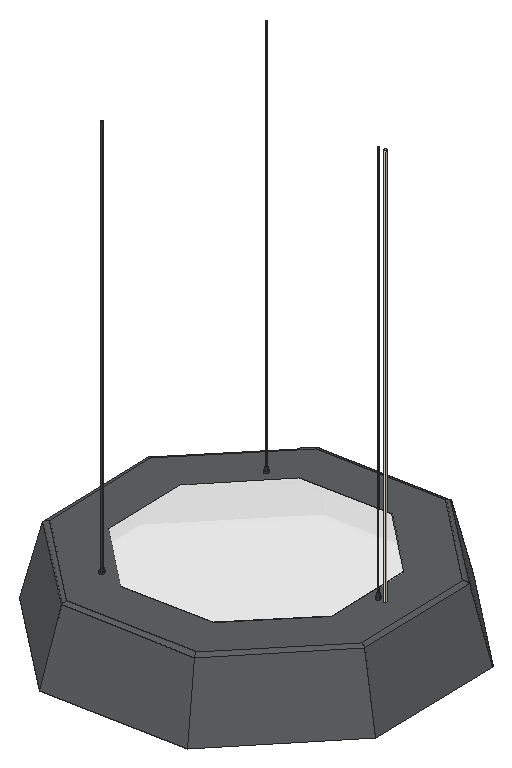
Revit family "Lighting_Pendants_Zero_Umbrella_Pendant", category Lighting Fixtures, Revit 2020
Family settings
  Round Connector Dimension = Use Diameter
  Part Type = Normal
  OmniClass Number = 23.80.70.00
  OmniClass Title = Lighting
  Work Plane-Based = Yes
  Always vertical = Yes
  Cut with Voids When Loaded = No
  Light Source = Yes
  Shared = No
  Room Calculation Point = No
Parameters (values of type "Umbrella Pendant 4x36W/2G11 Down & uplight Black")
  Youtube clip = ""
  Weight Net (Kg) = "4.2"
  Wattage = 78.0924 W
  WarrantyStartDate [instance] = "n/a"
  WarrantyGuarantorParts = "n/a"
  WarrantyGuarantorLabor = "n/a"
  WarrantyDurationUnit = "Year"
  WarrantyDurationParts = "n/a"
  WarrantyDurationLabor = "n/a"
  WarrantyDescription = "n/a"
  built-in parameter 1150110 = 1 (stored number, unit not read)
  VersionDate = "31/08/2023"  # constant formula
  Version = "3"  # constant formula
  UsageCurrent = 0 A
  Uniformat II Description = ""
  Uniformat II Code = ""
  Uniclass2015Reference = "Pr_70_70_48_86"
  Uniclass2015Description = "Suspended luminaires"
  Uniclass2 = "Pr_70_70_49_86"
  Uniclass 2015 Name = ""
  Uniclass 2015 Code = ""
  Uniclass 2.0 Description = ""
  Uniclass 2.0 Code = ""
  Uniclass 1.4 Description = ""
  Uniclass 1.4 Code = ""
  URL = "https://www.zerolighting.com/umbrella-inompe/"
  UNSPSC Code = ""
  TotalWattage = 145 W
  built-in parameter 1114217 = 1 (stored number, unit not read)
  Tilt Angle = 90.00°
  built-in parameter 1150109 = 1 (stored number, unit not read)
  built-in parameter 1150134 = (empty or 0)
  Technical description = ""
  TagNumber [instance] = "n/a"
  SustainabilityPerformance = "n/a"
  built-in parameter 1150113 = 1 (stored number, unit not read)
  Size = "800x800x165 mm"
  Shape = "Sculptured"
  ShadeType = umbrella-pendel-uplight : umbrella-pendel-uplight
  SerialNumber [instance] = "n/a"
  Revision = "5"  # constant formula
  ReplacementCost = "n/a"
  Region South America = "None"
  Region Oceania = "AU, NZ"
  Region North America = "BZ, CR, GT, HN, MX, NI, PA, SV, US"
  Region Middle East = "AE"
  Region Europe = "AD, AL, AT, AX, BA, BE, BG, BY, CH, CY, CZ, DE, DK, EE, ES, FI, FO, FR, GB, GG, GI, GR, HR, HU, IE, IM, IS, IT, JE, LI, LT, LU, LV, MC, MD, ME, MK, MT, NL, NO, PL, PT, RO, RS, RU, SE, SI, SJ, SK, SM, UA, VA"
  Region Asia = "HK, JP, SG"
  Region Antarctica = "None"
  Region Africa = "None"
  ProductInformation = "n/a"
  Product group = "Pendant"
  Product family = "Umbrella"
  Product certification = ""
  Product SKU = "Umbrella_pendant_fixture"
  Product Guid = "9a649e94-cee5-4ba7-9886-c41f08c1dbb4"
  Photometric Web File = "Umb7882_updown_IES.IES"
  PhaseReference = "n/a"
  PhaseAngle = 0.00°
  OmniClass Description = ""
  OmniClass Code = ""
  NumberOfSources = 0
  NumberOfPoles = 1
  NominalVoltageCalc = 0 V
  NominalVoltage = 230 V
  NominalRadius = 400 mm
  NominalLength = 800 mm
  NominalFrequencyRange = 50 Hz
  NominalDiameter = 800 mm
  NominalCurrent = 0 A
  Nominal width = 800 mm
  Nominal height = 165 mm
  Name = "Zero_Umbrella_Pendant"  # constant formula
  NBSReference = "90-60-50/405"
  NBSDescription = "General purpose luminaires"
  NBS Reference Description = ""
  NBS Reference Code = ""
  ModelReference = "n/a"
  ModelNumber = "7882-3-06"
  Model = "Umbrella Pendant 4x36W/2G11 Down & uplight Black"
  Material secondary = ""
  Material main = "Acrylic"
  Material = "Plastic"
  Masterformat 2014 Description = ""
  Masterformat 2014 Code = ""
  ManufacturersSpecificInformation = "n/a"
  ManufacturerURL = "https://www.zerolighting.com/"
  ManufacturerName = "Zero"
  Manufacturer name = "ZERO"
  Manufacturer country = "Sweden"
  Manufacturer = "Zero"
  MaintenanceFactor = 0
  Lumens = 11600 lm
  built-in parameter 1150115 = 1 (stored number, unit not read)
  built-in parameter 1150105 = 3981.7 (stored number, unit not read)
  LightFixturePlacingType = "Ceiling"
  LightFixtureMountingType = "Suspended"
  LightFixtureMainMaterial = Graphite Black 9011
  built-in parameter 1150137 = (empty or 0)
  built-in parameter 1150139 = (empty or 0)
  LensMaterial = Tempered glass
  built-in parameter 1150112 = 1 (stored number, unit not read)
  built-in parameter 1150114 = 1 (stored number, unit not read)
  InsulationStandardClass = "n/a"
  InstallationDate [instance] = "n/a"
  Installation instructions = ""
  built-in parameter 1150132 = 2
  built-in parameter 1150102 = (empty or 0)
  built-in parameter 1150138 = (empty or 0)
  built-in parameter 1150107 = 3000 (stored number, unit not read)
  built-in parameter 1150106 = 39.817 (stored number, unit not read)
  IfcExportType = "NOTDEFINED"  # constant formula
  IfcExportAs = "IfcLightFixtureType"  # constant formula
  IP_Code = "IP20"
  IFC Classification = ""
  HasProtectiveEarth = no
  GTIN code = ""
  Edition number = 1
  Dimming = "None"
  Grade = "n/a"
  Finish = "Matt opal acrylic"
  Features = "Terminal block 3x2,25mm when HFF cable without plug"
  ExpectedLife = "n/a"
  Emit from Circle Diameter = 800 mm
  Emit Shape Visible in Rendering = no
  ElectricalDeviceNominalPower = 0
  built-in parameter 1150104 = 13.8 (stored number, unit not read)
  EANNumber = "n/a"
  DurationUnit = "Year"
  Dimming Lamp Color Temperature Shift = <None>
  Designer = "Monica Förster"
  Design country = "Sweden"
  DefaultElevation = 0 mm
  Default Elevation [instance] = 1219.2 mm
  Date of publishing = ""
  Constituents = "n/a"
  Color Filter = 16777215
  Color = "Black, green or white"
  Collection = "Umbrella"
  CodePerformance = "n/a"
  Category = "Pendant"
  CableLength [instance] = 900 mm
  COBIe Type Category = ""
  Brand url = "http://www.zero.se"
  Brand = "Zero"
  Barcode [instance] = "n/a"
  built-in parameter 1114218 = 1 (stored number, unit not read)
  BIMObjectName = "Lighting_Pendants_Zero_Umbrella_Pendant"  # constant formula
  Author = "BIMstone"  # constant formula
  built-in parameter 1150133 = 10 (stored number, unit not read)
  AssetType = "Fixed"
  AssetIdentifier [instance] = "n/a"
  ArticleNumber = "7882-3-06"
  AccessibilityPerformance = "n/a"
Types (18, lengths in mm): name | Wattage | TotalWattage | Size | ShadeType | Photometric Web File | ModelNumber | Model | Lumens | built-in parameter 1150105 | LightFixtureMainMaterial | built-in parameter 1150106 | Dimming | ArticleNumber
  Umbrella Pendant LED 2903LM Downlight White | 19.5433 W | 38 W | "800x800x165 mm" | umbrella-pendel-downlight : umbrella-pendel-downlight | "Umbrella7883_IES.IES" | "7883-3-01" | "Umbrella Pendant LED 2903LM Downlight White" | 2903 lm | 231.01 (stored number, unit not read) | White RAL 9010 | 2.3101 (stored number, unit not read) | "None" | "7883-3-01"
  Umbrella Pendant LED 2903LM Downlight White HFF | 19.5433 W | 38 W | "800x800x165 mm" | umbrella-pendel-downlight : umbrella-pendel-downlight | "Umbrella7883_IES.IES" | "7883-3-01HFF" | "Umbrella Pendant LED 2903LM Downlight White" | 2903 lm | 231.01 (stored number, unit not read) | White RAL 9010 | 2.3101 (stored number, unit not read) | "Dimmable with DALI, DSI, SwitchDim" | "7883-3-01HFF"
  Umbrella Pendant LED 2903LM Downlight Black | 19.5433 W | 38 W | "800x800x165 mm" | umbrella-pendel-downlight : umbrella-pendel-downlight | "Umbrella7883_IES.IES" | "7883-3-06" | "Umbrella Pendant LED 2903LM Downlight Black" | 2903 lm | 231.01 (stored number, unit not read) | Graphite Black 9011 | 2.3101 (stored number, unit not read) | "None" | "7883-3-06"
  Umbrella Pendant LED 2903LM Downlight Black HFF | 19.5433 W | 38 W | "800x800x165 mm" | umbrella-pendel-downlight : umbrella-pendel-downlight | "Umbrella7883_IES.IES" | "7883-3-06HFF" | "Umbrella Pendant LED 2903LM Downlight Black HFF" | 2903 lm | 231.01 (stored number, unit not read) | Graphite Black 9011 | 2.3101 (stored number, unit not read) | "Dimmable with DALI, DSI, SwitchDim" | "7883-3-06HFF"
  Umbrella Pendant LED 2903LM Downlight Green | 19.5433 W | 38 W | "800x800x2165 mm" | umbrella-pendel-downlight : umbrella-pendel-downlight | "Umbrella7883_IES.IES" | "7883-3-12" | "Umbrella Pendant LED 2903LM Downlight Green" | 2903 lm | 231.01 (stored number, unit not read) | Opal Green 6026 | 2.3101 (stored number, unit not read) | "None" | "7883-3-12"
  Umbrella Pendant LED 2903LM Downlight Green HFF | 19.5433 W | 38 W | "800x800x165 mm" | umbrella-pendel-downlight : umbrella-pendel-downlight | "Umbrella7883_IES.IES" | "7883-3-12HFF" | "Umbrella Pendant LED 2903LM Downlight Green HFF" | 2903 lm | 231.01 (stored number, unit not read) | Opal Green 6026 | 2.3101 (stored number, unit not read) | "Dimmable with DALI, DSI, SwitchDim" | "7883-3-12HFF"
  Umbrella Pendant 4x36W/2G11 Downlight White | 78.0924 W | 145 W | "800x800x165 mm" | umbrella-pendel-downlight : umbrella-pendel-downlight | "Umb7880_down_IES.IES" | "7880-3-01" | "Umbrella Pendant 4x36W/2G11 Downlight White" | 11600 lm | 3981.7 (stored number, unit not read) | White RAL 9010 | 39.817 (stored number, unit not read) | "None" | "7880-3-01"
  Umbrella Pendant 4x36W/2G11 Downlight White HFF | 78.0924 W | 145 W | "800x800x165 mm" | umbrella-pendel-downlight : umbrella-pendel-downlight | "Umb7880_down_IES.IES" | "7880-3-01HFF" | "Umbrella Pendant 4x36W/2G11 Downlight White HFF" | 11600 lm | 3981.7 (stored number, unit not read) | White RAL 9010 | 39.817 (stored number, unit not read) | "Dimmable with DALI, DSI, SwitchDim" | "7880-3-01HFF"
  Umbrella Pendant 4x36W/2G11 Downlight Black | 78.0924 W | 145 W | "800x800x165 mm" | umbrella-pendel-downlight : umbrella-pendel-downlight | "Umb7880_down_IES.IES" | "7880-3-06" | "Umbrella Pendant 4x36W/2G11 Downlight Black" | 11600 lm | 3981.7 (stored number, unit not read) | Graphite Black 9011 | 39.817 (stored number, unit not read) | "None" | "7880-3-06"
  Umbrella Pendant 4x36W/2G11 Downlight Black HFF | 78.0924 W | 145 W | "800x800x165 mm" | umbrella-pendel-downlight : umbrella-pendel-downlight | "Umb7880_down_IES.IES" | "7880-3-06HFF" | "Umbrella Pendant 4x36W/2G11 Downlight Black HFF" | 11600 lm | 3981.7 (stored number, unit not read) | Graphite Black 9011 | 39.817 (stored number, unit not read) | "Dimmable with DALI, DSI, SwitchDim" | "7880-3-06HFF"
  Umbrella Pendant 4x36W/2G11 Downlight Green | 78.0924 W | 145 W | "800x800x165 mm" | umbrella-pendel-downlight : umbrella-pendel-downlight | "Umb7880_down_IES.IES" | "7880-3-12" | "Umbrella Pendant 4x36W/2G11 Downlight Green" | 11600 lm | 3981.7 (stored number, unit not read) | Opal Green 6026 | 39.817 (stored number, unit not read) | "None" | "7880-3-12"
  Umbrella Pendant 4x36W/2G11 Downlight Green HFF | 78.0924 W | 145 W | "800x800x165 mm" | umbrella-pendel-downlight : umbrella-pendel-downlight | "Umb7880_down_IES.IES" | "7880-3-12HFF" | "Umbrella Pendant 4x36W/2G11 Downlight Green HFF" | 11600 lm | 3981.7 (stored number, unit not read) | Opal Green 6026 | 39.817 (stored number, unit not read) | "Dimmable with DALI, DSI, SwitchDim" | "7880-3-12HFF"
  Umbrella Pendant 4x36W/2G11 Down & uplight White | 78.0924 W | 145 W | "800x800x165 mm" | umbrella-pendel-uplight : umbrella-pendel-uplight | "Umb7882_updown_IES.IES" | "7882-3-01" | "Umbrella Pendant 4x36W/2G11 Down & uplight White" | 11600 lm | 3981.7 (stored number, unit not read) | White RAL 9010 | 39.817 (stored number, unit not read) | "None" | "7882-3-01"
  Umbrella Pendant 4x36W/2G11 Down & uplight White HFF | 78.0924 W | 145 W | "800x800x165 mm" | umbrella-pendel-uplight : umbrella-pendel-uplight | "Umb7882_updown_IES.IES" | "7882-3-01HFF" | "Umbrella Pendant 4x36W/2G11 Down & uplight White HFF" | 11600 lm | 3981.7 (stored number, unit not read) | White RAL 9010 | 39.817 (stored number, unit not read) | "Dimmable with DALI, DSI, SwitchDim" | "7882-3-01HFF"
  Umbrella Pendant 4x36W/2G11 Down & uplight Black | 78.0924 W | 145 W | "800x800x165 mm" | umbrella-pendel-uplight : umbrella-pendel-uplight | "Umb7882_updown_IES.IES" | "7882-3-06" | "Umbrella Pendant 4x36W/2G11 Down & uplight Black" | 11600 lm | 3981.7 (stored number, unit not read) | Graphite Black 9011 | 39.817 (stored number, unit not read) | "None" | "7882-3-06"
  Umbrella Pendant 4x36W/2G11 Down & uplight Black HFF | 78.0924 W | 145 W | "800x800x165 mm" | umbrella-pendel-uplight : umbrella-pendel-uplight | "Umb7882_updown_IES.IES" | "7882-3-06HFF" | "Umbrella Pendant 4x36W/2G11 Down & uplight Black HFF" | 11600 lm | 3981.7 (stored number, unit not read) | Graphite Black 9011 | 39.817 (stored number, unit not read) | "Dimmable with DALI, DSI, SwitchDim" | "7882-3-06HFF"
  Umbrella Pendant 4x36W/2G11 Down & uplight Green | 78.0924 W | 145 W | "800x800x165 mm" | umbrella-pendel-uplight : umbrella-pendel-uplight | "Umb7882_updown_IES.IES" | "7882-3-12" | "Umbrella Pendant 4x36W/2G11 Down & uplight Green" | 11600 lm | 3981.7 (stored number, unit not read) | Opal Green 6026 | 39.817 (stored number, unit not read) | "None" | "7882-3-12"
  Umbrella Pendant 4x36W/2G11 Down & uplight Green HFF | 78.0924 W | 145 W | "800x800x165 mm" | umbrella-pendel-uplight : umbrella-pendel-uplight | "Umb7882_updown_IES.IES" | "7882-3-12HFF" | "Umbrella Pendant 4x36W/2G11 Down & uplight Green HFF" | 11600 lm | 3981.7 (stored number, unit not read) | Opal Green 6026 | 39.817 (stored number, unit not read) | "Dimmable with DALI, DSI, SwitchDim" | "7882-3-12HFF"
Reference planes
  plane 1 "Light Source Axis (F/B)": y = 0
  plane 2: z = 0
  plane 3 "Light Source Axis (L/R)": x = 0
  plane 4 "Ceiling": z = 0
  plane 5 "Light Source Elevation": z = -1075
  plane 6: y = 400
  plane 7: y = -400
  plane 8: x = -400
  plane 9: z = -900
  plane 10: x = 400
  plane 11: y = 400
  plane 12: z = -910
  plane 13: z = 0
Forms (mm)
  Extrusion 1, solid, material "Graphite Black 9011" <- "LightFixtureMainMaterial", detail levels coarse
    sketch origin (0, 0, -111) x (-1, 0, 0) y (0, -1, 0)
      loop
        line (400, 400) -> (-400, 400) -> (-400, -400) -> (400, -400) -> (400, 400)
    from 111 to -964
  Extrusion 2, solid, material "Aluminium", detail levels medium+fine
    sketch origin (0, 0, -1075) x (-1, 0, 0) y (0, -1, 0)
      loop
        circle (162.5, 231.458) r 1.5
      loop
        circle (162.5, -231.458) r 1.5
      loop
        circle (-275, 0) r 1.5
    from 175 to 1075
  Extrusion 3, solid, material "White RAL 9010", detail levels medium+fine
    sketch origin (0, 0, -1075) x (-1, 0, 0) y (0, -1, 0)
      loop
        circle (-290.098, 0) r 2.5
    from 165 to 1075
Lines and regions (mm)
  symbolic lines, detail levels medium+fine
    curve 1: line (-166.467, -400, -1075) -> (-400, -164.905, -1075)
    curve 2: line (166.467, -400, -1075) -> (-166.467, -400, -1075)
    curve 3: line (-400, -164.905, -1075) -> (-400, 164.905, -1075)
    curve 4: line (166.467, -400, -1075) -> (400, -164.905, -1075)
    curve 5: line (400, -164.905, -1075) -> (400, 164.905, -1075)
    curve 12: line (-166.467, 400, -1075) -> (-400, 164.905, -1075)
    curve 13: line (166.467, 400, -1075) -> (-166.467, 400, -1075)
    curve 14: line (166.467, 400, -1075) -> (400, 164.905, -1075)
    curve 21: line (292.598, 0, -910) -> (292.598, 0, 0)
    curve 22: line (287.598, 0, 0) -> (287.598, 0, -910)
    curve 23: line (276.421, 0, -900) -> (276.421, 0, 0)
    curve 24: line (273.421, 0, -900) -> (273.421, 0, 0)
    curve 25: line (-161.079, 0, -900) -> (-161.079, 0, 0)
    curve 26: line (-164.079, 0, -900) -> (-164.079, 0, 0)
    curve 27: line (0, 233.049, -900) -> (0, 233.049, 0)
    curve 28: line (0, 229.958, 0) -> (0, 229.958, -900)
    curve 29: line (0, -229.935, -900) -> (0, -229.935, 0)
    curve 30: line (0, -232.958, 0) -> (0, -232.958, -900)
    curve 31: line (0, 1.628, -900) -> (0, 1.628, 0)
    curve 32: line (0, -1.5, 0) -> (0, -1.5, -900)
  symbolic lines, detail levels fine
    curve 6: line (-163.138, -392, -1075) -> (-392, -161.607, -1075)
    curve 7: line (163.138, -392, -1075) -> (-163.138, -392, -1075)
    curve 8: line (168.814, -397.638, -1075) -> (400, -164.905, -1075)
    curve 9: line (392, 0, -1075) -> (392, -161.607, -1075)
    curve 10: line (-392, -161.607, -1075) -> (-392, 0, -1075)
    curve 11: line (392, -161.607, -1075) -> (163.138, -392, -1075)
    curve 15: line (-163.138, 392, -1075) -> (-392, 161.607, -1075)
    curve 16: line (163.138, 392, -1075) -> (-163.138, 392, -1075)
    curve 17: line (168.814, 397.638, -1075) -> (400, 164.905, -1075)
    curve 18: line (392, 0, -1075) -> (392, 161.607, -1075)
    curve 19: line (-392, 161.607, -1075) -> (-392, 0, -1075)
    curve 20: line (392, 161.607, -1075) -> (163.138, 392, -1075)
Dimensions and locks
  equal spacing: plane 6, plane 1 "Light Source Axis (F/B)", plane 7
  plane 6 to plane 7 = 800 mm
  equal spacing: Extrusion 1, plane 3 "Light Source Axis (L/R)", Extrusion 1
  "NominalLength": Extrusion 1 to Extrusion 1
  "CableLength": plane 9 to level
  locked: plane 5 "Light Source Elevation" to plane 9 at 175
  locked: plane 12 to plane 9 at 10
  aligned and locked: plane 3 "Light Source Axis (L/R)" to imposter light
  aligned and locked: plane 1 "Light Source Axis (F/B)" to imposter light
  aligned and locked: plane 5 "Light Source Elevation" to Extrusion 1
  aligned and locked: level to Extrusion 2
  aligned and locked: Extrusion 2 to plane 9
  aligned and locked: level to Extrusion 3
  aligned and locked: imposter light to plane 5 "Light Source Elevation"
  aligned and locked: nested 1 to plane 9
  aligned and locked: plane 12 to Extrusion 3
Automatic sketch dimensions
  plane 7 to Extrusion 1 sketch curve = 0 mm
  Extrusion 1 sketch curve to plane 10 = 0 mm
  Extrusion 1 sketch curve to plane 6 = 0 mm
  Extrusion 1 sketch curve to plane 8 = 0 mm
  curve 4 to plane 10 = 0 mm
  plane 1 "Light Source Axis (F/B)" to curve 18 = 0 mm
  curve 14 to plane 6 = 0 mm
  curve 4 to plane 7 = 0 mm
  plane 1 "Light Source Axis (F/B)" to curve 10 = 0 mm
  curve 3 to plane 8 = 0 mm
  curve 18 to plane 10 = 8 mm
  plane 3 "Light Source Axis (L/R)" to curve 14 = 166.467 mm
  plane 3 "Light Source Axis (L/R)" to curve 4 = 166.467 mm
  curve 13 to curve 16 = 3.329 mm
  curve 2 to curve 7 = 3.329 mm
  curve 15 to plane 6 = 8 mm
  curve 15 to plane 3 "Light Source Axis (L/R)" = 163.138 mm
  plane 7 to curve 6 = 8 mm
  curve 6 to plane 3 "Light Source Axis (L/R)" = 163.138 mm
  curve 15 to curve 12 = 3.329 mm
  curve 6 to curve 2 = 3.329 mm
  curve 6 to plane 8 = 8 mm
  curve 17 to plane 1 "Light Source Axis (F/B)" = 164.905 mm
  curve 12 to plane 1 "Light Source Axis (F/B)" = 164.905 mm
  curve 5 to curve 18 = 3.298 mm
  curve 3 to curve 19 = 3.298 mm
  curve 9 to curve 11 = 161.607 mm
  curve 10 to curve 6 = 161.607 mm
  curve 9 to curve 4 = 3.298 mm
  curve 6 to curve 1 = 3.298 mm
  plane 7 to curve 8 = 2.362 mm
  curve 8 to curve 2 = 2.346 mm
  curve 17 to plane 6 = 2.362 mm
  curve 17 to curve 13 = 2.346 mm
  plane 1 "Light Source Axis (F/B)" to Extrusion 2 sketch curve = 0 mm
  Extrusion 2 sketch curve to plane 10 = 125 mm
  Extrusion 2 sketch curve to plane 3 "Light Source Axis (L/R)" = 162.5 mm  (x2)
  Extrusion 2 sketch curve to plane 6 = 168.542 mm
  plane 7 to Extrusion 2 sketch curve = 168.542 mm
  plane 1 "Light Source Axis (F/B)" to Extrusion 3 sketch curve = 0 mm
  Extrusion 3 sketch curve to plane 10 = 109.902 mm
  curve 30 to plane 9 = 0 mm
  curve 30 to level = 0 mm
  curve 29 to plane 9 = 0 mm
  curve 29 to level = 0 mm
  curve 32 to plane 9 = 0 mm
  curve 32 to level = 0 mm
  curve 31 to plane 9 = 0 mm
  curve 31 to level = 0 mm
  curve 28 to level = 0 mm
  curve 28 to plane 9 = 0 mm
  curve 27 to plane 9 = 0 mm
  curve 27 to level = 0 mm
  plane 7 to curve 30 = 167.042 mm
  curve 30 to curve 29 = 3.023 mm
  plane 1 "Light Source Axis (F/B)" to curve 32 = 1.5 mm
  curve 31 to plane 1 "Light Source Axis (F/B)" = 1.628 mm
  curve 28 to plane 6 = 170.042 mm
  curve 28 to curve 27 = 3.091 mm
  curve 26 to plane 9 = 0 mm
  curve 26 to level = 0 mm
  curve 25 to plane 9 = 0 mm
  curve 25 to level = 0 mm
  curve 24 to level = 0 mm
  curve 24 to plane 9 = 0 mm
  curve 23 to plane 9 = 0 mm
  curve 23 to level = 0 mm
  curve 22 to level = 0 mm
  curve 21 to level = 0 mm
  curve 26 to plane 3 "Light Source Axis (L/R)" = 164.079 mm
  curve 26 to curve 25 = 3 mm
  curve 24 to plane 10 = 126.579 mm
  curve 24 to curve 23 = 3 mm
  curve 23 to curve 22 = 11.177 mm
  curve 22 to curve 21 = 5 mm
  curve 21 to plane 9 = 10 mm
  curve 22 to curve 21 = 0 mm
Nested families
  nested 1: "umbrella-pendel-uplight" at (0, 0, -1075), type <- "ShadeType", Material1 <- "LightFixtureMainMaterial", Material2 <- "LensMaterial", type "umbrella-pendel-uplight"
    with Material2 Tempered glass, Material1 Graphite Black 9011
Connectors
  electrical at (290.098, 0, 0), driven by "NominalVoltage"
    settings: on Extrusion 3, index 1, voltage 230 V, apparent load 0 VA, apparent load phase1 0 VA, apparent load phase2 0 VA, apparent load phase3 0 VA, power factor 1, load classification "Other", number of poles 1, system type 31, power factor state 1, is connector primary yes, connector utility no, sub classification motor no, connector description ""
Definition of nested family "umbrella-pendel-uplight"
  Parameters (values of type "umbrella-pendel-uplight")
    Material2 [instance] = none
    Material1 [instance] = none
    Default Elevation = 0 mm
  Reference planes
    plane 1 "Center (Front/Back)": y = 0
    plane 2: z = 0
    plane 3 "Center (Left/Right)": x = 0
  Forms (mm)
    Blend 1, solid, material <- "Material1", detail levels medium+fine
      base sketch origin (0, 0, 0) x (1, 0, 0) y (0, 1, 0)
        loop
          line (166.467, -400) -> (401.101, -163.796) -> (401.101, 163.796) -> (166.467, 400) -> (-166.467, 400) -> (-401.101, 163.796) -> (-401.101, -163.796) -> (-166.467, -400) -> (166.467, -400)
      top sketch origin (0, 0, 0) x (1, 0, 0) y (0, 1, 0)
        loop
          line (149.821, 360) -> (-149.821, 360) -> (-361.101, 147.306) -> (-361.101, -147.306) -> (-149.821, -360) -> (149.821, -360) -> (361.101, -147.306) -> (361.101, 147.306) -> (149.821, 360)
      from 0 to 165
    Blend 2, void
      base sketch origin (0, 0, 0) x (1, 0, 0) y (0, 1, 0)
        loop
          line (-163.138, 392) -> (-393.101, 160.498) -> (-393.101, -160.498) -> (-163.138, -392) -> (163.138, -392) -> (393.101, -160.498) -> (393.101, 160.498) -> (163.138, 392) -> (-163.138, 392)
      top sketch origin (0, 0, 0) x (1, 0, 0) y (0, 1, 0)
        loop
          line (146.491, 352) -> (-146.491, 352) -> (-353.101, 144.007) -> (-353.101, -144.007) -> (-146.491, -352) -> (146.491, -352) -> (353.101, -144.007) -> (353.101, 144.007) -> (146.491, 352)
      from 0 to 158
    Sweep 3, void
      path in 3D
        loop
          line (-361.101, -147.306, 165) -> (-361.101, 147.306, 165) -> (-149.821, 360, 165) -> (149.821, 360, 165) -> (361.101, 147.306, 165) -> (361.101, -147.306, 165) -> (149.821, -360, 165) -> (-149.821, -360, 165) -> (-361.101, -147.306, 165)
      profile origin (-255.461, -253.653, 165) x (-0.709461, -0.704745, 0) y (0, 0, 1)
        loop
          arc (-10, 0) -> (-0.986, -2.729) -> (5, -10) r 16.25
          line (5, -10) -> (10, -10) -> (10, 10) -> (-10, 10) -> (-10, 0)
    Extrusion 4, solid, material <- "Material2", detail levels medium+fine
      sketch origin (0, 0, 0) x (1, 0, 0) y (0, 1, 0)
        loop
          line (-393.101, 160.498) -> (-393.101, -160.498) -> (-163.138, -392) -> (163.138, -392) -> (393.101, -160.498) -> (393.101, 160.498) -> (163.138, 392) -> (-163.138, 392) -> (-393.101, 160.498)
      from 0 to 10
    Extrusion 5, solid, detail levels medium+fine
      sketch origin (0, -50, 0) x (1, 0, 0) y (0, 1, 0)
        loop
          circle (-162.5, 281.458) r 5
      from 165 to 168
    Extrusion 6, solid, detail levels medium+fine
      sketch origin (0, -50, 0) x (1, 0, 0) y (0, 1, 0)
        loop
          circle (-162.5, 281.458) r 2.5
      from 165 to 175
    Extrusion 7, solid, detail levels medium+fine
      sketch origin (437.5, -281.458, 0) x (1, 0, 0) y (0, 1, 0)
        loop
          circle (-162.5, 281.458) r 5
      from 165 to 168
    Extrusion 8, solid, detail levels medium+fine
      sketch origin (437.5, -281.458, 0) x (1, 0, 0) y (0, 1, 0)
        loop
          circle (-162.5, 281.458) r 2.5
      from 165 to 175
    Extrusion 9, void
      sketch origin (0, 0, 0) x (1, 0, 0) y (0, 1, 0)
        loop
          line (104.042, 250) -> (-104.042, 250) -> (-251.101, 101.957) -> (-251.101, -101.957) -> (-104.042, -250) -> (104.042, -250) -> (251.101, -101.957) -> (251.101, 101.957) -> (104.042, 250)
      from 0 to 250
    Extrusion 10, solid, detail levels medium+fine
      sketch origin (0, 50, 0) x (1, 0, 0) y (0, 1, 0)
        loop
          circle (-162.5, -281.458) r 5
      from 165 to 168
    Extrusion 11, solid, detail levels medium+fine
      sketch origin (0, 50, 0) x (1, 0, 0) y (0, 1, 0)
        loop
          circle (-162.5, -281.458) r 2.5
      from 165 to 175
    Extrusion 12, solid, material <- "Material2", detail levels medium+fine
      sketch origin (0, 0, 0) x (1, 0, 0) y (0, 1, 0)
        loop
          line (104.042, 250) -> (-104.042, 250) -> (-251.101, 101.957) -> (-251.101, -101.957) -> (-104.042, -250) -> (104.042, -250) -> (251.101, -101.957) -> (251.101, 101.957) -> (104.042, 250)
      from 158 to 165
  Cuts and joins
    Blend 2, Sweep 3, Extrusion 9 cuts Blend 1
  Lines and regions (mm)
    sketch lines
      curve 1: line (-149.821, -360, 165) -> (-361.101, -147.306, 165)
      curve 2: line (149.821, -360, 165) -> (-149.821, -360, 165)
      curve 3: line (361.101, -147.306, 165) -> (149.821, -360, 165)
      curve 4: line (361.101, 147.306, 165) -> (361.101, -147.306, 165)
      curve 5: line (149.821, 360, 165) -> (361.101, 147.306, 165)
      curve 6: line (-149.821, 360, 165) -> (149.821, 360, 165)
      curve 7: line (-361.101, 147.306, 165) -> (-149.821, 360, 165)
      curve 8: line (-361.101, -147.306, 165) -> (-361.101, 147.306, 165)
    symbolic lines, detail levels medium+fine
      curve 9: line (0, 400, 0) -> (0, 361.051, 160.664)
      curve 10: line (0, -361.051, 160.664) -> (0, -400, 0)
      curve 11: line (0, -400, 0) -> (0, 400, 0)
      curve 12: arc (0, 361.051, 160.664) -> (0, 355.936, 163.877) -> (0, 350, 165) r 16.25
      curve 13: arc (0, -361.051, 160.664) -> (0, -355.936, 163.877) -> (0, -350, 165) r 16.25
      curve 14: line (0, -350, 165) -> (0, -236.458, 165)
      curve 22: line (0, -228.958, 175) -> (0, -233.958, 175)
      curve 23: line (0, -226.458, 168) -> (0, -228.958, 168)
      curve 24: line (0, -226.458, 168) -> (0, -226.458, 165)
      curve 25: line (0, -236.458, 168) -> (0, -236.458, 165)
      curve 26: line (0, -233.958, 175) -> (0, -233.958, 168)
      curve 27: line (0, -228.958, 175) -> (0, -228.958, 168)
      curve 29: line (0, -233.958, 168) -> (0, -236.458, 168)
      curve 30: line (0, -226.458, 165) -> (0, -5, 165)
      curve 32: line (0, 2.5, 175) -> (0, -2.5, 175)
      curve 33: line (0, 5, 168) -> (0, 2.5, 168)
      curve 34: line (0, 5, 168) -> (0, 5, 165)
      curve 35: line (0, -5, 168) -> (0, -5, 165)
      curve 36: line (0, -2.5, 175) -> (0, -2.5, 168)
      curve 37: line (0, 2.5, 175) -> (0, 2.5, 168)
      curve 39: line (0, -2.5, 168) -> (0, -5, 168)
      curve 41: line (0, 5, 165) -> (0, 226.458, 165)
      curve 42: line (0, 233.958, 175) -> (0, 228.958, 175)
      curve 43: line (0, 236.458, 168) -> (0, 233.958, 168)
      curve 44: line (0, 236.458, 168) -> (0, 236.458, 165)
      curve 45: line (0, 226.458, 168) -> (0, 226.458, 165)
      curve 46: line (0, 228.958, 175) -> (0, 228.958, 168)
      curve 47: line (0, 233.958, 175) -> (0, 233.958, 168)
      curve 49: line (0, 228.958, 168) -> (0, 226.458, 168)
      curve 51: line (0, 236.458, 165) -> (0, 350, 165)
      curve 52: line (280, 0, 165) -> (280, 0, 168)
      curve 53: line (277.5, 0, 175) -> (277.5, 0, 168)
      curve 54: line (277.5, 0, 168) -> (280, 0, 168)
      curve 55: line (277.5, 0, 175) -> (272.5, 0, 175)
      curve 56: line (272.5, 0, 175) -> (272.5, 0, 168)
      curve 57: line (272.5, 0, 168) -> (270, 0, 168)
      curve 58: line (270, 0, 168) -> (270, 0, 165)
      curve 59: line (401.101, 0, 0) -> (362.153, 0, 160.664)
      curve 60: arc (362.153, 0, 160.664) -> (357.037, 0, 163.877) -> (351.101, 0, 165) r 16.25
      curve 61: arc (-362.153, 0, 160.664) -> (-357.037, 0, 163.877) -> (-351.101, 0, 165) r 16.25
      curve 62: line (-362.153, 0, 160.664) -> (-401.101, 0, 0)
      curve 63: line (-401.101, 0, 0) -> (401.101, 0, 0)
      curve 64: line (351.101, 0, 165) -> (280, 0, 165)
      curve 65: line (270, 0, 165) -> (-157.5, 0, 165)
      curve 66: line (-167.5, 0, 165) -> (-351.101, 0, 165)
      curve 70: line (-157.5, 0, 165) -> (-157.5, 0, 168)
      curve 71: line (-160, 0, 175) -> (-160, 0, 168)
      curve 72: line (-160, 0, 168) -> (-157.5, 0, 168)
      curve 73: line (-160, 0, 175) -> (-165, 0, 175)
      curve 74: line (-165, 0, 175) -> (-165, 0, 168)
      curve 75: line (-165, 0, 168) -> (-167.5, 0, 168)
      curve 76: line (-167.5, 0, 168) -> (-167.5, 0, 165)
    symbolic lines, detail levels fine
      curve 15: line (0, 163.796, 0) -> (0, 147.739, 160.664)
      curve 16: line (0, -163.796, 0) -> (0, -147.739, 160.664)
      curve 17: spline (0, -147.738, 160.669) -> (0, -147.412, 161.341) -> (0, -147.071, 161.963) -> (0, -146.718, 162.531) -> (0, -146.354, 163.044) -> (0, -145.979, 163.501) -> (0, -145.595, 163.899) -> (0, -145.204, 164.237) -> (0, -144.807, 164.514) -> (0, -144.405, 164.729) -> (0, -143.999, 164.882) -> (0, -143.591, 164.971) -> (0, -143.183, 164.997)
      curve 18: spline (0, 143.183, 164.997) -> (0, 143.599, 164.971) -> (0, 144.013, 164.882) -> (0, 144.423, 164.729) -> (0, 144.829, 164.514) -> (0, 145.228, 164.237) -> (0, 145.62, 163.899) -> (0, 146.003, 163.501) -> (0, 146.376, 163.045) -> (0, 146.737, 162.531) -> (0, 147.085, 161.963) -> (0, 147.419, 161.342) -> (0, 147.738, 160.669)
      curve 19: line (0, -147.739, 160.664) -> (0, 147.739, 160.664)
      curve 20: line (0, 147.739, 160.664) -> (0, 361.051, 160.664)
      curve 21: line (0, -361.051, 160.664) -> (0, -147.739, 160.664)
      curve 28: line (0, -228.958, 168) -> (0, -233.958, 168)
      curve 31: line (0, -236.458, 165) -> (0, -226.458, 165)
      curve 38: line (0, 2.5, 168) -> (0, -2.5, 168)
      curve 40: line (0, -5, 165) -> (0, 5, 165)
      curve 48: line (0, 233.958, 168) -> (0, 228.958, 168)
      curve 50: line (0, 226.458, 165) -> (0, 236.458, 165)
      curve 67: line (-157.5, 0, 165) -> (-167.5, 0, 165)
      curve 68: line (280, 0, 165) -> (270, 0, 165)
      curve 69: line (277.5, 0, 168) -> (272.5, 0, 168)
      curve 77: line (-160, 0, 168) -> (-165, 0, 168)
      curve 78: line (166.467, 0, 0) -> (150.258, 0, 160.664)
      curve 79: line (-166.467, 0, 0) -> (-150.258, 0, 160.664)
      curve 80: spline (-145.659, 0, 164.997) -> (-146.078, 0, 164.971) -> (-146.496, 0, 164.882) -> (-146.911, 0, 164.729) -> (-147.32, 0, 164.514) -> (-147.723, 0, 164.237) -> (-148.119, 0, 163.899) -> (-148.505, 0, 163.501) -> (-148.881, 0, 163.045) -> (-149.246, 0, 162.532) -> (-149.598, 0, 161.963) -> (-149.935, 0, 161.342) -> (-150.257, 0, 160.669)
      curve 81: spline (145.659, 0, 164.997) -> (146.078, 0, 164.971) -> (146.496, 0, 164.882) -> (146.911, 0, 164.729) -> (147.32, 0, 164.514) -> (147.723, 0, 164.237) -> (148.119, 0, 163.899) -> (148.505, 0, 163.501) -> (148.881, 0, 163.045) -> (149.246, 0, 162.532) -> (149.598, 0, 161.963) -> (149.935, 0, 161.342) -> (150.257, 0, 160.669)
      curve 82: line (-150.258, 0, 160.664) -> (150.258, 0, 160.664)
      curve 83: line (150.258, 0, 160.664) -> (362.153, 0, 160.664)
      curve 84: line (-362.153, 0, 160.664) -> (-150.258, 0, 160.664)
  Dimensions and locks
    aligned and locked: level to plane 2
